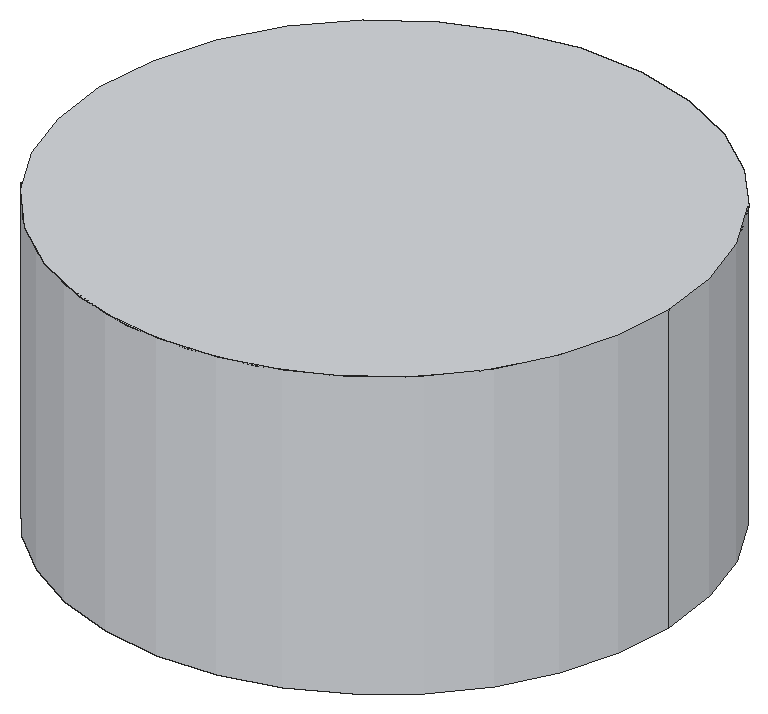
Revit family "08751000", category Specialty Equipment, Revit 2023
Family settings
  Round Connector Dimension = Use Diameter
  Part Type = Normal
  OmniClass Number = 23.40.40.00
  OmniClass Title = Food Service Equipment and Furnishings
  Work Plane-Based = No
  Enable Cutting in Views = Yes
  Always vertical = Yes
  Cut with Voids When Loaded = No
  Maintain Annotation Orientation = No
  Shared = No
  Room Calculation Point = No
Parameters (values of type "Standard")
  URL = "https://www.rustfriebergh.no/produkter/vannbad-varmeskap-varmeri/rbvp-st%C3%A5l"
  Model = "08751000"
  Manufacturer = "Rustfriebergh AS"
  Description = "Varmeplate RBVP-Stål-1 GN"
  Default Elevation = 0 mm
Reference planes
  plane 1 "Center (Front/Back)": y = 0
  plane 2: z = 0
  plane 3 "Center (Left/Right)": x = 0
Forms (mm)
  Extrusion 1, solid
    sketch origin (40.641, -369.443, -339.25) x (1, 0, 0) y (0, 1, 0)
      loop
        circle (0, 0) r 3.048
    from 0 to -3.048
Dimensions and locks
  aligned and locked: level to plane 2
Connectors
  electrical at (40.641, -369.443, -339.25)
    settings: on Extrusion 1, index 1, voltage 230 V, apparent load 400 VA, apparent load phase1 0 VA, apparent load phase2 0 VA, apparent load phase3 0 VA, power factor 0, load classification "Other", number of poles 1, system type 30, power factor state 1, is connector primary yes, connector utility no, sub classification motor no, connector description "Tilførselkabel"
